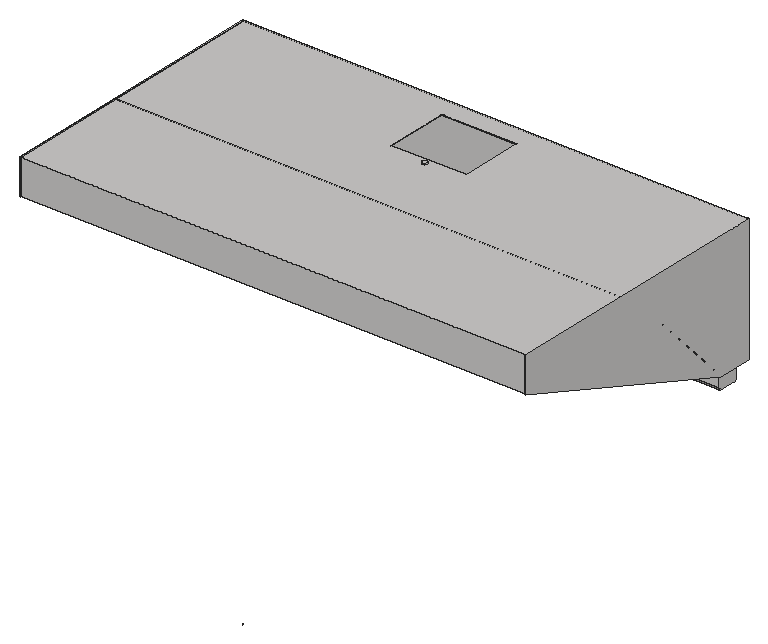
Revit family "QF_ELECTROLUXPROFESSIONAL_644193_AMPV1120BT", category Specialty Equipment, Revit 2014
Reference planes
  plane 1 "Center (Front/Back)": y = 0
  plane 2: z = 0
  plane 3 "Center (Left/Right)": x = 150
  plane 4 "LEFT": x = -850
  plane 5 "RIGHT": x = 1150
  plane 6 "BACK": y = 550
  plane 7 "FRONT": y = -550
  plane 8 "Plane": z = 2000
  plane 9 "TOP": z = 2140
  plane 10 "Base": z = 1640
  plane 11: z = 1566
  plane 12 "DrainY": y = 485
  plane 13: x = -847
  plane 14: through (0, 414.509, 1640.8) normal (0, 0.7314, 0.682)
  plane 15: y = 470
  plane 16: y = 220
  plane 17 "DrainX": x = 1030
  plane 18: x = 0
  plane 19: x = 300
  plane 20: x = 1147
  plane 21: x = 940
  plane 22: x = 1120
  plane 23: x = -810
  plane 24: x = 1110
  plane 25: x = -47.5
  plane 26: x = 347.5
  plane 27: y = 200
Forms (mm)
  Extrusion 1, solid, material "QF_Finishes_Stainless Steel"
    sketch origin (-850, 0, 0) x (0, 1, 0) y (0, 0, 1)
      loop
        line (550, 1640) -> (550, 2140) -> (-550, 2140) -> (-550, 1999.112) -> (413.973, 1640) -> (550, 1640)
    from 0 to 3
  Extrusion 2, solid, material "QF_Finishes_Stainless Steel"
    sketch origin (150, 0, 0) x (0, 1, 0) y (0, 0, 1)
      loop
        line (415.255, 1640) -> (550, 1640) -> (550, 2139.19) -> (549.2, 2139.19) -> (549.2, 1640.8) -> (415.876, 1640.8) -> (339.347, 1722.867) -> (349.609, 1732.436) -> (348.927, 1733.167) -> (337.934, 1722.917) -> (415.255, 1640)
      loop
        line (-82.203, 2139.19) -> (-82.203, 2118.6) -> (-31.047, 2118.6) -> (34.354, 2048.466) -> (46.028, 2059.352) -> (45.346, 2060.083) -> (34.403, 2049.879) -> (-30.612, 2119.6) -> (-81.203, 2119.6) -> (-81.203, 2139.19) -> (-82.203, 2139.19)
    from -997 to 997
  Extrusion 3, solid, material "QF_Finishes_Stainless Steel"
    sketch origin (1150, 0, 0) x (0, 1, 0) y (0, 0, 1)
      loop
        line (550, 1640) -> (550, 2140) -> (-550, 2140) -> (-550, 1999.112) -> (413.973, 1640) -> (550, 1640)
    from 0 to -3
  Extrusion 4, solid, material "QF_Finishes_Stainless Steel"
    sketch origin (150, 0, 0) x (0, 1, 0) y (0, 0, 1)
      loop
        line (-550, 2140) -> (-550, 2000) -> (-549.2, 2000) -> (-549.2, 2139.19) -> (550, 2139.19) -> (550, 2140) -> (-550, 2140)
    from -1000 to 1000
  Extrusion 5, solid, material "QF_Finishes_Stainless Steel"
    sketch origin (150, 0, 0) x (0, 1, 0) y (0, 0, 1)
      loop
        line (534, 1640) -> (436, 1640) -> (436, 1627) -> (443.5, 1627) -> (443.5, 1576)
        arc (443.5, 1576) -> (446.429, 1568.929) -> (453.5, 1566) r 10
        line (453.5, 1566) -> (516.5, 1566)
        arc (516.5, 1566) -> (523.571, 1568.929) -> (526.5, 1576) r 10
        line (526.5, 1576) -> (526.5, 1627) -> (534, 1627) -> (534, 1640)
    from 790 to 970
  Extrusion 6, solid, material "QF_Finishes_Stainless Steel"
    sketch origin (0, 0, 1640) x (0, 1, 0) y (-1, 0, 0)
      loop
        circle (485, -1030) r 20
    from -76 to -74
  Extrusion 7, solid, material "QF_Finished_Chrome"
    sketch origin (150, 0, 0) x (0, 1, 0) y (0, 0, 1)
      loop
        line (337.934, 1722.917) -> (341.591, 1726.327) -> (38.011, 2051.876) -> (34.354, 2048.466) -> (337.934, 1722.917)
    from -197.5 to -960
  Extrusion 8, solid, material "QF_Finishes_Stainless Steel"
    sketch origin (150, 0, 0) x (0, 1, 0) y (0, 0, 1)
      loop
        line (337.934, 1722.917) -> (341.591, 1726.327) -> (38.011, 2051.876) -> (34.354, 2048.466) -> (337.934, 1722.917)
    from 997 to 960
  Extrusion 9, solid, material "QF_Finished_Chrome"
    sketch origin (150, 0, 0) x (0, 1, 0) y (0, 0, 1)
      loop
        line (341.588, 1726.324) -> (38.009, 2051.874) -> (34.354, 2048.466) -> (337.934, 1722.917) -> (341.588, 1726.324)
    from 197.5 to 960
  Extrusion 10, void
    sketch origin (0, 0, 2140) x (0, 1, 0) y (-1, 0, 0)
      loop
        line (470, -300) -> (470, 0) -> (220, 0) -> (220, -300) -> (470, -300)
    from 0 to -10
  Extrusion 11, solid, material "QF_Finishes_Stainless Steel"
    sketch origin (0, 0, 0) x (1, 0, 0) y (0, 1, 0)
      loop
        line (-850, 550) -> (-850, 549) -> (-849, 549) -> (-849, 550) -> (-850, 550)
    from 0 to 1
  Extrusion 12, solid, material "QF_Finishes_Stainless Steel"
    sketch origin (150, 0, 0) x (0, 1, 0) y (0, 0, 1)
      loop
        line (337.934, 1722.917) -> (341.591, 1726.327) -> (38.011, 2051.876) -> (34.354, 2048.466) -> (337.934, 1722.917)
    from -960 to -997
  Extrusion 13, solid, material "QF_Finishes_Stainless Steel"
    sketch origin (150, 0, 0) x (0, 1, 0) y (0, 0, 1)
      loop
        line (337.934, 1722.917) -> (341.591, 1726.327) -> (38.011, 2051.876) -> (34.354, 2048.466) -> (337.934, 1722.917)
    from 197.5 to -197.5
  Extrusion 14, solid, material "QF_Finishes_Stainless Steel"
    sketch origin (0, 0, 2140) x (0, 1, 0) y (-1, 0, 0)
      loop
        circle (200, -150) r 10
    from 0 to 1.6
Cuts and joins
  Extrusion 10 cuts Extrusion 4
  joined: Extrusion 2, Extrusion 4
Lines and regions (mm)
  reference lines
    curve 1: line (150, 34.354, 2048.466) -> (150, 34.354, 1888.466)
  symbolic lines, style "SpecialityEquipment", detail levels coarse
    curve 2: line (1150, 550, 2140) -> (-850, 550, 2140)
    curve 3: line (-850, 550, 2140) -> (-850, -550, 2140)
    curve 4: line (1150, -550, 2140) -> (1150, 550, 2140)
    curve 5: line (-850, -550, 2140) -> (1150, -550, 2140)
    curve 6: line (300, 220, 2140) -> (0, 220, 2140)
    curve 7: line (300, 470, 2140) -> (300, 220, 2140)
    curve 8: line (0, 470, 2140) -> (300, 470, 2140)
    curve 9: line (0, 220, 2140) -> (0, 470, 2140)
    curve 10: line (-850, -550, 0) -> (1150, 550, 0)
    curve 11: line (-850, 550, 0) -> (1150, -550, 0)
Dimensions and locks
  plane 4 "LEFT" to plane 5 "RIGHT" = 2000 mm
  equal spacing: plane 4 "LEFT", plane 3 "Center (Left/Right)", plane 5 "RIGHT"
  locked: plane 8 "Plane" to level at 2000
  plane 9 "TOP" to plane 8 "Plane" = 140 mm
  locked: plane 9 "TOP" to plane 10 "Base" at 500
  plane 10 "Base" to plane 11 = 74 mm
  plane 6 "BACK" to plane 12 "DrainY" = 65 mm  (x2)
  plane 4 "LEFT" to plane 13 = 3 mm
  plane 6 "BACK" to plane 15 = 80 mm
  plane 15 to plane 16 = 250 mm  (x2)
  plane 17 "DrainX" to plane 5 "RIGHT" = 120 mm
  plane 20 to plane 5 "RIGHT" = 3 mm
  locked: plane 21 to plane 17 "DrainX" at 90
  locked: plane 17 "DrainX" to plane 22 at 90
  plane 6 "BACK" to plane 7 "FRONT" = 1100 mm  (x2)
  equal spacing: plane 6 "BACK", plane 1 "Center (Front/Back)", plane 7 "FRONT"
  plane 16 to plane 7 "FRONT" = 770 mm
  plane 15 to plane 6 "BACK" = 80 mm
  locked: plane 4 "LEFT" to plane 23 at 40
  locked: plane 24 to plane 5 "RIGHT" at 40
  locked: plane 25 to plane 26 at 395
  equal spacing: plane 25, plane 3 "Center (Left/Right)", plane 26
  locked: plane 18 to plane 19 at 300
  equal spacing: plane 18, plane 3 "Center (Left/Right)", plane 19
  plane 16 to plane 27 = 20 mm
  aligned and locked: level to plane 2
  aligned and locked: Extrusion 2 to Extrusion 1
  aligned and locked: Extrusion 2 to Extrusion 3
  aligned and locked: plane 5 "RIGHT" to Extrusion 4
  aligned and locked: Extrusion 4 to plane 4 "LEFT"
  aligned and locked: plane 20 to Extrusion 8
  aligned and locked: Extrusion 10 to plane 18
  aligned and locked: Extrusion 10 to plane 16
  aligned and locked: Extrusion 10 to plane 15
  aligned and locked: Extrusion 2 to Extrusion 4
  aligned and locked: plane 22 to Extrusion 5
  aligned and locked: Extrusion 5 to plane 21
  aligned and locked: Extrusion 8 to plane 24
  aligned and locked: Extrusion 9 to plane 24
  aligned and locked: Extrusion 7 to plane 23
  aligned and locked: Extrusion 12 to plane 13
  aligned and locked: plane 23 to Extrusion 12
  aligned and locked: Extrusion 3 to plane 20
  aligned and locked: Extrusion 10 to plane 19
  aligned and locked: plane 19 to curve 7
  aligned and locked: plane 26 to Extrusion 13
  aligned and locked: Extrusion 13 to plane 25
  aligned and locked: Extrusion 9 to plane 26
Automatic sketch dimensions
  curve 5 to plane 5 "RIGHT" = 0 mm
  curve 5 to plane 7 "FRONT" = 0 mm
  curve 6 to plane 16 = 0 mm
  plane 15 to curve 8 = 0 mm
  curve 3 to plane 4 "LEFT" = 0 mm
  curve 3 to plane 6 "BACK" = 0 mm
  curve 6 to plane 18 = 0 mm
  Extrusion 1 sketch curve to plane 7 "FRONT" = 0 mm
  Extrusion 1 sketch curve to plane 10 "Base" = 0 mm
  Extrusion 1 sketch curve to plane 6 "BACK" = 0 mm
  Extrusion 1 sketch curve to plane 9 "TOP" = 0 mm
  plane 15 to Extrusion 1 sketch curve = 56.027 mm
  Extrusion 1 sketch curve to plane 8 "Plane" = 0.888 mm
  Extrusion 2 sketch curve to plane 14 = 0 mm  (x3)
  Extrusion 2 sketch curve to plane 10 "Base" = 0 mm
  plane 14 to Extrusion 2 sketch curve = 0 mm
  Extrusion 2 sketch curve to plane 6 "BACK" = 0 mm
  Extrusion 2 sketch curve to Extrusion 2 sketch curve = 65.646 mm
  Extrusion 2 sketch curve to Extrusion 2 sketch curve = 0.682 mm  (x2)
  Extrusion 2 sketch curve to Extrusion 2 sketch curve = 10.261 mm
  plane 10 "Base" to Extrusion 2 sketch curve = 82.917 mm
  Extrusion 2 sketch curve to plane 1 "Center (Front/Back)" = 46.028 mm
  Extrusion 2 sketch curve to Extrusion 2 sketch curve = 10.942 mm
  Extrusion 2 sketch curve to Extrusion 2 sketch curve = 0.049 mm
  Extrusion 2 sketch curve to plane 9 "TOP" = 20.4 mm
  Extrusion 2 sketch curve to plane 9 "TOP" = 21.4 mm
  Extrusion 2 sketch curve to plane 9 "TOP" = 0.81 mm  (x2)
  Extrusion 2 sketch curve to Extrusion 2 sketch curve = 50.156 mm
  Extrusion 2 sketch curve to Extrusion 2 sketch curve = 1 mm
  plane 10 "Base" to Extrusion 2 sketch curve = 0.8 mm
  Extrusion 2 sketch curve to plane 6 "BACK" = 0.8 mm
  Extrusion 3 sketch curve to plane 7 "FRONT" = 0 mm
  Extrusion 3 sketch curve to plane 10 "Base" = 0 mm
  Extrusion 3 sketch curve to plane 6 "BACK" = 0 mm
  Extrusion 3 sketch curve to plane 9 "TOP" = 0 mm
  plane 15 to Extrusion 3 sketch curve = 56.027 mm
  Extrusion 3 sketch curve to plane 8 "Plane" = 0.888 mm
  Extrusion 4 sketch curve to plane 7 "FRONT" = 0 mm
  Extrusion 4 sketch curve to plane 8 "Plane" = 0 mm
  Extrusion 4 sketch curve to plane 6 "BACK" = 0 mm
  Extrusion 4 sketch curve to plane 9 "TOP" = 0 mm
  plane 7 "FRONT" to Extrusion 4 sketch curve = 0.8 mm
  Extrusion 4 sketch curve to plane 9 "TOP" = 0.81 mm
  curve 1 to plane 14 = 0 mm
  curve 1 to plane 1 "Center (Front/Back)" = 34.354 mm
  curve 1 to plane 8 "Plane" = 111.534 mm
  Extrusion 5 sketch curve to plane 10 "Base" = 0 mm
  Extrusion 5 sketch curve to plane 11 = 0 mm
  Extrusion 5 sketch curve to plane 10 "Base" = 13 mm  (x2)
  plane 15 to Extrusion 5 sketch curve = 34 mm
  Extrusion 5 sketch curve to Extrusion 5 sketch curve = 7.5 mm  (x2)
  Extrusion 5 sketch curve to Extrusion 5 sketch curve = 10 mm
  plane 12 "DrainY" to Extrusion 5 sketch curve = 31.5 mm
  Extrusion 5 sketch curve to plane 6 "BACK" = 23.5 mm
  Extrusion 6 sketch curve to plane 12 "DrainY" = 0 mm
  Extrusion 6 sketch curve to plane 17 "DrainX" = 0 mm
  Extrusion 7 sketch curve to plane 14 = 0 mm  (x2)
  Extrusion 7 sketch curve to plane 1 "Center (Front/Back)" = 34.354 mm
  Extrusion 7 sketch curve to Extrusion 7 sketch curve = 3.657 mm
  plane 10 "Base" to Extrusion 7 sketch curve = 82.917 mm
  Extrusion 8 sketch curve to plane 14 = 0 mm  (x2)
  Extrusion 8 sketch curve to plane 1 "Center (Front/Back)" = 34.354 mm
  Extrusion 8 sketch curve to Extrusion 8 sketch curve = 3.657 mm
  plane 10 "Base" to Extrusion 8 sketch curve = 82.917 mm
  Extrusion 9 sketch curve to plane 14 = 0 mm  (x2)
  Extrusion 9 sketch curve to plane 1 "Center (Front/Back)" = 34.354 mm
  Extrusion 9 sketch curve to Extrusion 9 sketch curve = 3.655 mm
  plane 10 "Base" to Extrusion 9 sketch curve = 82.917 mm
  Extrusion 10 sketch curve to plane 16 = 0 mm
  plane 15 to Extrusion 10 sketch curve = 0 mm
  Extrusion 10 sketch curve to plane 19 = 0 mm
  Extrusion 10 sketch curve to plane 18 = 0 mm
  Extrusion 11 sketch curve to plane 4 "LEFT" = 0 mm
  Extrusion 11 sketch curve to plane 6 "BACK" = 0 mm
  plane 4 "LEFT" to Extrusion 11 sketch curve = 1 mm
  Extrusion 11 sketch curve to Extrusion 11 sketch curve = 1 mm
  Extrusion 12 sketch curve to plane 14 = 0 mm  (x2)
  Extrusion 12 sketch curve to plane 1 "Center (Front/Back)" = 34.354 mm
  Extrusion 12 sketch curve to Extrusion 12 sketch curve = 3.657 mm
  plane 10 "Base" to Extrusion 12 sketch curve = 82.917 mm
  Extrusion 13 sketch curve to plane 14 = 0 mm  (x2)
  Extrusion 13 sketch curve to plane 1 "Center (Front/Back)" = 34.354 mm
  Extrusion 13 sketch curve to Extrusion 13 sketch curve = 3.657 mm
  plane 10 "Base" to Extrusion 13 sketch curve = 82.917 mm
  curve 11 to plane 4 "LEFT" = 0 mm
  curve 10 to plane 4 "LEFT" = 0 mm
  curve 11 to plane 5 "RIGHT" = 0 mm
  curve 10 to plane 5 "RIGHT" = 0 mm
  curve 11 to plane 7 "FRONT" = 0 mm
  curve 10 to plane 7 "FRONT" = 0 mm
  curve 11 to plane 6 "BACK" = 0 mm
  curve 10 to plane 6 "BACK" = 0 mm
  Extrusion 14 sketch curve to plane 3 "Center (Left/Right)" = 0 mm
  plane 27 to Extrusion 14 sketch curve = 0 mm
  radius of Extrusion 6 sketch curve = 20 mm
  radius of Extrusion 14 sketch curve = 10 mm
Connectors
  piping at (1030, 485, 1564), diameter 20
    settings: on Extrusion 6, index 1, connector inside diameter 609.6 mm, connector length 0 mm, flow factor 0, pipe flow 0.0 L/s, pressure drop 0.0 Pa, fitting loss kfactor 0, connector angle 0.00°, fixture units 0, engagement length 0 mm, angle of deflection 0.00°, flow configuration 1, flow direction 2, fitting loss method 0, system type 16, joint type 0, gender type 0, connector reference index -1, connector utility 0, adjustable connector no, is connector primary yes, connector description "Drain"
  hvac at (150, 345, 2140)
    settings: on Extrusion 10, index 2, duct flow 0.0 L/s, flow factor 0, pres drop 0.0 Pa, loss coef 0, conn angle 0.00°, conn width 250 mm, conn height 300 mm, conn diameter 609.6 mm, duct sys type 3, conn prof type 1, flow config 0, flow direction 2, loss method 0, conn ref index -1, conn util no, is conn primary yes, conn desc "EXHAUST OUTLET"
  electrical at (150, 200, 2141.6)
    settings: on Extrusion 14, index 3, voltage 0 V, apparent load 0 VA, apparent load phase1 0 VA, apparent load phase2 0 VA, apparent load phase3 0 VA, power factor 1, load classification "Other", number of poles 1, system type 30, power factor state 1, is connector primary yes, connector utility no, sub classification motor no, connector description "Electrical Connection"
